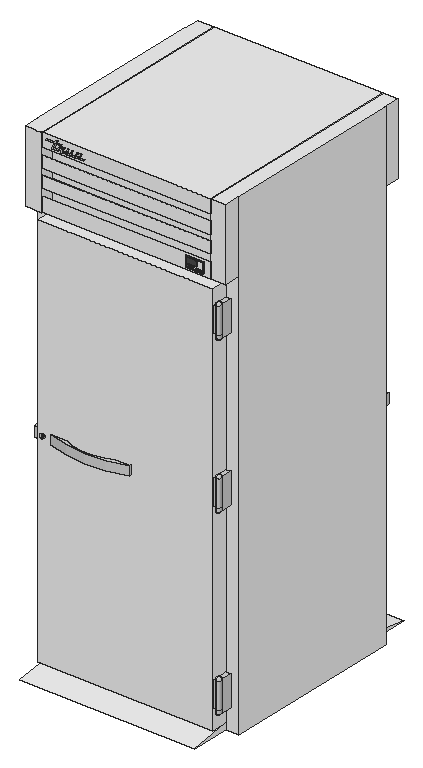
Revit family
Parameters
  Weight in Pounds = 0
  Watts = 2000 W
  Volts = 115 V
  URL Cutsheet = "www.truemfg.com"
  URL = "www.truemfg.com"
  Type Mark [instance] = ""
  Type Comments = ""
  Status [instance] = ""
  Specification by User [instance] = ""
  Specification by Manufacturer = ""
  Show Logo [instance] = yes
  Show Clearance [instance] = yes
  Serial Number = ""
  Seismic Rating = ""
  SMACNA No = ""
  Revision Code [instance] = ""
  Phase = 1
  Omniclass Number and Title = ""
  Number of Poles [instance] = 1
  NAFEM Spec ID Number = ""
  Model = "STA1HRT-1S-1S"
  Min Ckt Ampacity = 0 A
  Max Overcurrent Protection = 0 A
  Masterspec = ""
  Manufacturer = "TRUE FOOD SERVICE EQUIPMENT, INC."
  Length = 35"
  Item Number [instance] = ""
  Installed By [instance] = ""
  Identify Quantity as Lot [instance] = yes
  Height = 83 3/4"
  HP = ""
  Furnished By [instance] = ""
  Foodservice Equipment Identifier [instance] = yes
  FL Amps = Watts / Volts  # 17.3913 A
  Electrical Remarks [instance] = ""
  Electric Connection Type [instance] = ""
  Elec Conn RI Height [instance] = 0"
  Elec Conn Connection Height [instance] = 0"
  Description = "Roll-thru Solid Swing Door Heated Cabinet"
  Depth = 37 1/2"
  Cycle = 60 Hz
  Conn Plug = "14-20P"
  Conn Conduit = yes
  CSI MasterFormat = ""
  CSI Master Format = ""
  Apparent Power = if(Phase = 3, Volts * FL Amps * 1.73, Volts * FL Amps)  # 2000 VA
Reference planes (in)
  plane 1 "BACK": y = 0
  plane 2: z = 0
  plane 3 "LEFT": x = 0
  plane 4 "RIGHT": x = 35
  plane 5 "FRONT": y = -37.5
  plane 6 "TOP": z = 83.75
  plane 7: x = 2.84375
  plane 8: y = -37.4542
  plane 9: x = 32.15625
  plane 10: y = -0.0458
  plane 11: y = -18.75
  plane 12: z = 69.90625
Forms (in)
  Extrusion 1, solid, material "QF_Finishes_Chrome - Satin"
    sketch origin (0.05, 0, 0) x (1, 0, 0) y (0, 1, 0)
      loop
        line (-0.05, -2.75) -> (-0.05, -34.75) -> (2.87859, -34.75) -> (2.87859, -2.75) -> (-0.05, -2.75)
    from 0 to 83.75
  Extrusion 2, solid, material "QF_Finishes_Chrome - Satin"
    sketch origin (50.15, 0, 0) x (1, 0, 0) y (0, 1, 0)
      loop
        line (-17.85, -2.75) -> (-17.85, -34.75) -> (-15.15, -34.75) -> (-15.15, -2.75) -> (-17.85, -2.75)
    from 0 to 83.75
  Extrusion 3, solid, material "QF_Finishes_Chrome - Satin"
    sketch origin (0, 0, 0) x (0, 1, 0) y (0, 0, 1)
      loop
        line (-37.4542, 71.28125) -> (-34.75, 71.28125) -> (-34.75, 0) -> (-2.75, 0) -> (-2.75, 71.28125) -> (-0.0458, 71.28125) -> (-0.0458, 73.81726) -> (-2.25, 72.25) -> (-2.25, 73.52557) -> (-0.0458, 75.09284) -> (-0.0458, 77.18904) -> (-2.25, 75.62178) -> (-2.25, 76.58254) -> (-0.0458, 78.1498) -> (-0.0458, 80.28351) -> (-2.25, 78.71625) -> (-2.25, 79.83852) -> (-0.0458, 81.40578) -> (-0.0458, 83.75) -> (-37.4542, 83.75) -> (-37.4542, 81.40578) -> (-35.25, 79.83852) -> (-35.25, 78.71625) -> (-37.4542, 80.28351) -> (-37.4542, 78.1498) -> (-35.25, 76.58254) -> (-35.25, 75.62178) -> (-37.4542, 77.18904) -> (-37.4542, 75.09284) -> (-35.25, 73.52557) -> (-35.25, 72.25) -> (-37.4542, 73.81726) -> (-37.4542, 71.28125)
    from 2.92859 to 32.3
  Extrusion 4, solid, material "QF_Finishes_Chrome - Satin"
    sketch origin (0, 0, 0) x (1, 0, 0) y (0, 1, 0)
      loop
        line (34.84782, -34.75) -> (32.3, -34.75) -> (32.3, -37.5) -> (34.84782, -37.5) -> (34.84782, -34.75)
      loop
        line (34.84782, -2.75) -> (34.84782, 0) -> (32.3, 0) -> (32.3, -2.75) -> (34.84782, -2.75)
    from 71.28125 to 83.75
  Extrusion 5, solid, material "QF_Finishes_Chrome - Satin"
    sketch origin (-50.125, 0, 0.25) x (1, 0, 0) y (0, 1, 0)
      loop
        line (53.05359, -34.75) -> (50.24109, -34.75) -> (50.24109, -37.5) -> (53.05359, -37.5) -> (53.05359, -34.75)
      loop
        line (53.05359, -2.75) -> (53.05359, 0) -> (50.24109, 0) -> (50.24109, -2.75) -> (53.05359, -2.75)
    from 71.03125 to 83.5
  Extrusion 6, solid, material "QF_Finishes_Chrome - Satin"
    sketch origin (-24.96875, -3.75, -0.71875) x (1, 0, 0) y (0, 0, 1)
      loop
        line (27.25, 1.71875) -> (57.65625, 1.71875) -> (57.65625, 70.625) -> (27.25, 70.625) -> (27.25, 1.71875)
    from 31 to 33.75
  Extrusion 7, solid, material "QF_Finishes_Handrails and Railings"
    sketch origin (58.625, -0.25, 24.93519) x (1, 0, 0) y (0, 1, 0)
      loop
        line (-53.875, -37.25) -> (-53.875, -37.45)
        arc (-53.875, -37.45) -> (-47.075, -38.65633) -> (-40.275, -37.45) r 19.7687
        line (-40.275, -37.45) -> (-40.275, -37.25) -> (-42.675, -37.25)
        arc (-42.675, -37.25) -> (-47.075, -38.40816) -> (-51.475, -37.25) r 8.93713
        line (-51.475, -37.25) -> (-53.875, -37.25)
    from 10.87731 to 12.37731
  Extrusion 8, solid, material "QF_Finishes_Handrails and Railings"
    sketch origin (-23.375, -3.83467, -3.5) x (1, 0, 0) y (0, 0, 1)
      loop
        circle (26.4375, 40.0625) r 0.35
      loop
        line (26.47265, 40.33635) -> (26.41715, 40.33635) -> (26.41715, 39.76895) -> (26.47265, 39.76895) -> (26.47265, 40.33635)
    from 33.5 to 33.83066
  Extrusion 9, solid, material "QF_Finishes_Handrails and Railings", visible <- "Show Logo"
    sketch origin (0.33478, -2.68623, 4.98732) x (1, 0, 0) y (0, 0, 1)
      loop
        line (3.46044, 78.08731) -> (3.35478, 77.86073) -> (4.76027, 77.86073)
        arc (4.76027, 77.86073) -> (4.78879, 77.81028) -> (4.76027, 77.75984) r 0.05887
        line (4.76027, 77.75984) -> (4.39369, 76.97372)
        arc (4.39369, 76.97372) -> (4.39051, 76.90091) -> (4.43975, 76.84717) r 0.09523
        line (4.43975, 76.84717) -> (5.33844, 76.84717)
        arc (5.33844, 76.84717) -> (5.45192, 76.88295) -> (5.52436, 76.97735) r 0.19785
        line (5.52436, 76.97735) -> (5.81285, 77.59601) -> (6.0779, 77.59601)
        arc (6.0779, 77.59601) -> (6.14744, 77.57043) -> (6.13737, 77.49703) r 0.05911
        line (6.13737, 77.49703) -> (5.89598, 76.97937)
        arc (5.89598, 76.97937) -> (5.89974, 76.8934) -> (5.97231, 76.84717) r 0.09318
        line (5.97231, 76.84717) -> (6.76198, 76.84717)
        arc (6.76198, 76.84717) -> (6.82249, 76.86919) -> (6.85468, 76.92495) r 0.09412
        arc (6.85468, 76.92495) -> (6.87746, 76.86995) -> (6.93246, 76.84717) r 0.07778
        line (6.93246, 76.84717) -> (7.43246, 76.84717)
        arc (7.43246, 76.84717) -> (7.49022, 76.86265) -> (7.53251, 76.90493) r 0.11552
        arc (7.53251, 76.90493) -> (7.55275, 76.85606) -> (7.60162, 76.83581) r 0.06912
        line (7.60162, 76.83581) -> (8.31225, 76.83581)
        arc (8.31225, 76.83581) -> (8.37034, 76.85988) -> (8.39441, 76.91797) r 0.08216
        arc (8.39441, 76.91797) -> (8.44767, 76.86472) -> (8.52042, 76.84522) r 0.14551
        line (8.52042, 76.84522) -> (9.85158, 76.84522) -> (9.99946, 77.10134) -> (8.65678, 77.10134)
        arc (8.65678, 77.10134) -> (8.61972, 77.12704) -> (8.61834, 77.17211) r 0.05009
        line (8.61834, 77.17211) -> (8.64157, 77.22192)
        arc (8.64157, 77.22192) -> (8.67723, 77.26864) -> (8.73327, 77.28635) r 0.09747
        line (8.73327, 77.28635) -> (9.16485, 77.28635)
        arc (9.16485, 77.28635) -> (9.258, 77.31131) -> (9.32619, 77.3795) r 0.1863
        line (9.32619, 77.3795) -> (9.45119, 77.59601)
        arc (9.45119, 77.59601) -> (9.45119, 77.71157) -> (9.35111, 77.76934) r 0.11556
        line (9.35111, 77.76934) -> (8.89562, 77.76934)
        arc (8.89562, 77.76934) -> (8.7795, 77.74962) -> (8.69849, 77.66412) r 0.18605
        line (8.69849, 77.66412) -> (8.48204, 77.19993)
        arc (8.48204, 77.19993) -> (8.41815, 77.11667) -> (8.31806, 77.08511) r 0.1745
        line (8.31806, 77.08511) -> (7.84559, 77.08511)
        arc (7.84559, 77.08511) -> (7.78903, 77.14684) -> (7.79268, 77.23048) r 0.10939
        line (7.79268, 77.23048) -> (8.04395, 77.76934) -> (7.88403, 77.76934) -> (7.61781, 77.19844)
        arc (7.61781, 77.19844) -> (7.56609, 77.13103) -> (7.48505, 77.10548) r 0.14128
        line (7.48505, 77.10548) -> (7.15925, 77.10548)
        arc (7.15925, 77.10548) -> (7.10419, 77.17723) -> (7.116, 77.26689) r 0.11816
        line (7.116, 77.26689) -> (7.3503, 77.76934) -> (7.18514, 77.76934) -> (6.91546, 77.191)
        arc (6.91546, 77.191) -> (6.85285, 77.12839) -> (6.76733, 77.10548) r 0.17104
        line (6.76733, 77.10548) -> (6.29555, 77.10548)
        arc (6.29555, 77.10548) -> (6.21082, 77.14499) -> (6.20267, 77.23813) r 0.0935
        line (6.20267, 77.23813) -> (6.35774, 77.57069) -> (6.57695, 77.57069)
        arc (6.57695, 77.57069) -> (6.61395, 77.68217) -> (6.69267, 77.76934) r 0.2857
        line (6.69267, 77.76934) -> (5.83605, 77.76934)
        arc (5.83605, 77.76934) -> (5.74086, 77.74824) -> (5.67498, 77.67635) r 0.16212
        line (5.67498, 77.67635) -> (5.44279, 77.17841)
        arc (5.44279, 77.17841) -> (5.3894, 77.12502) -> (5.31647, 77.10548) r 0.14586
        line (5.31647, 77.10548) -> (4.80506, 77.10548)
        arc (4.80506, 77.10548) -> (4.76514, 77.15942) -> (4.77274, 77.22609) r 0.09155
        line (4.77274, 77.22609) -> (5.11018, 77.86073) -> (5.96155, 77.86073) -> (6.06721, 78.08731) -> (5.21584, 78.08731) -> (5.32149, 78.31388) -> (5.01862, 78.31388) -> (4.91297, 78.08731) -> (3.46044, 78.08731)
      loop
        arc (8.83805, 77.56363) -> (8.80119, 77.55375) -> (8.7742, 77.52676) r 0.07373
        line (8.7742, 77.52676) -> (8.75229, 77.45936)
        arc (8.75229, 77.45936) -> (8.76245, 77.43483) -> (8.78699, 77.42466) r 0.0347
        line (8.78699, 77.42466) -> (9.15948, 77.42466)
        arc (9.15948, 77.42466) -> (9.18632, 77.43061) -> (9.20812, 77.44734) r 0.0635
        line (9.20812, 77.44734) -> (9.22624, 77.53122)
        arc (9.22624, 77.53122) -> (9.22091, 77.55368) -> (9.20009, 77.56363) r 0.02676
        line (9.20009, 77.56363) -> (8.83805, 77.56363)
    from 34.76797 to 34.83173
  Extrusion 10, solid, material "QF_Finishes_White"
    sketch origin (-22.74812, -2.7042, -7.97497) x (1, 0, 0) y (0, 0, 1)
      loop
        line (50.81732, 81.35727) -> (50.81732, 79.60996) -> (53.72357, 79.60996) -> (53.72357, 81.35727) -> (50.81732, 81.35727)
    from 34.75 to 34.76797
  Extrusion 11, solid, material "QF_Finishes_Black"
    sketch origin (-22.74812, -2.7042, -7.97497) x (1, 0, 0) y (0, 0, 1)
      loop
        line (53.78607, 81.41977) -> (50.75482, 81.41977) -> (50.75482, 79.54746) -> (53.78607, 79.54746) -> (53.78607, 81.41977)
      loop
        spline (50.95482, 79.87872) -> (50.96333, 79.86254) -> (50.98831, 79.84747) -> (51.02804, 79.83452) -> (51.07982, 79.82459) -> (51.14011, 79.81835) -> (51.20482, 79.81622) -> (51.26952, 79.81835) -> (51.32982, 79.82459) -> (51.38159, 79.83452) -> (51.42132, 79.84747) -> (51.4463, 79.86254) -> (51.45482, 79.87872)
        spline (51.45482, 79.87872) -> (51.4463, 79.89489) -> (51.42132, 79.90997) -> (51.38159, 79.92291) -> (51.32982, 79.93284) -> (51.26952, 79.93909) -> (51.20482, 79.94122) -> (51.14011, 79.93909) -> (51.07982, 79.93284) -> (51.02804, 79.92291) -> (50.98831, 79.90997) -> (50.96333, 79.89489) -> (50.95482, 79.87872)
      loop
        spline (51.65083, 79.87872) -> (51.65935, 79.86254) -> (51.68432, 79.84747) -> (51.72405, 79.83452) -> (51.77583, 79.82459) -> (51.83612, 79.81835) -> (51.90083, 79.81622) -> (51.96553, 79.81835) -> (52.02583, 79.82459) -> (52.07761, 79.83452) -> (52.11734, 79.84747) -> (52.14231, 79.86254) -> (52.15083, 79.87872)
        spline (52.15083, 79.87872) -> (52.14231, 79.89489) -> (52.11734, 79.90997) -> (52.07761, 79.92291) -> (52.02583, 79.93284) -> (51.96553, 79.93909) -> (51.90083, 79.94122) -> (51.83612, 79.93909) -> (51.77583, 79.93284) -> (51.72405, 79.92291) -> (51.68432, 79.90997) -> (51.65935, 79.89489) -> (51.65083, 79.87872)
      loop
        spline (52.40083, 79.87872) -> (52.40935, 79.86254) -> (52.43432, 79.84747) -> (52.47405, 79.83452) -> (52.52583, 79.82459) -> (52.58612, 79.81835) -> (52.65083, 79.81622) -> (52.71553, 79.81835) -> (52.77583, 79.82459) -> (52.82761, 79.83452) -> (52.86734, 79.84747) -> (52.89231, 79.86254) -> (52.90083, 79.87872)
        spline (52.90083, 79.87872) -> (52.89231, 79.89489) -> (52.86734, 79.90997) -> (52.82761, 79.92291) -> (52.77583, 79.93284) -> (52.71553, 79.93909) -> (52.65083, 79.94122) -> (52.58612, 79.93909) -> (52.52583, 79.93284) -> (52.47405, 79.92291) -> (52.43432, 79.90997) -> (52.40935, 79.89489) -> (52.40083, 79.87872)
      loop
        line (50.95481, 81.21978) -> (50.95481, 80.21978) -> (52.65433, 80.21978) -> (52.65433, 81.21978) -> (50.95481, 81.21978)
      loop
        line (53.72357, 81.35727) -> (50.81732, 81.35727) -> (50.81732, 79.60996) -> (53.72357, 79.60996) -> (53.72357, 81.35727)
      loop
        spline (53.15083, 79.87872) -> (53.15935, 79.86254) -> (53.18432, 79.84747) -> (53.22405, 79.83452) -> (53.27583, 79.82459) -> (53.33612, 79.81835) -> (53.40083, 79.81622) -> (53.46553, 79.81835) -> (53.52583, 79.82459) -> (53.57761, 79.83452) -> (53.61734, 79.84747) -> (53.64231, 79.86254) -> (53.65083, 79.87872)
        spline (53.65083, 79.87872) -> (53.64231, 79.89489) -> (53.61734, 79.90997) -> (53.57761, 79.92291) -> (53.52583, 79.93284) -> (53.46553, 79.93909) -> (53.40083, 79.94122) -> (53.33612, 79.93909) -> (53.27583, 79.93284) -> (53.22405, 79.92291) -> (53.18432, 79.90997) -> (53.15935, 79.89489) -> (53.15083, 79.87872)
    from 34.76797 to 34.80335
  Extrusion 12, solid
    sketch origin (-25.125, 0, 0) x (1, 0, 0) y (0, 0, 1)
      loop
        circle (56.875, 81.625) r 0.25
    from 0 to 0.0625
  Blend 13, solid, material "QF_Finishes_Handrails and Railings"
    base sketch origin (27.53125, -3.75, -1.5) x (-1, 0, 0) y (0, 0, -1)
      loop
        line (25.25, -38.99169) -> (26, -38.99169) -> (26, -37.24169) -> (25.25, -37.24169) -> (25.25, -38.99169)
    top sketch origin (27.53125, 0, -1.5) x (-1, 0, 0) y (0, 0, -1)
      loop
        line (26.18223, -36.6441) -> (25.25, -36.6441) -> (25.25, -39.42643) -> (26.18223, -39.42643) -> (26.18223, -36.6441)
    from 33.57883 to 34.75
  Extrusion 14, solid, material "QF_Finishes_Handrails and Railings"
    sketch origin (33.78125, 0, 3.25) x (0, 1, 0) y (0, 0, -1)
      loop
        line (-34.75, -64.17729) -> (-34.75, -58.86127) -> (-37, -58.86127) -> (-37, -59.57348) -> (-36.56497, -59.57348) -> (-36.56497, -63.97276)
        arc (-36.56497, -63.97276) -> (-36.50506, -64.11738) -> (-36.36044, -64.17729) r 0.20453
        line (-36.36044, -64.17729) -> (-34.75, -64.17729)
    from 0.17506 to 1
  Revolve 15, solid, material "QF_Finishes_Handrails and Railings"
    sketch origin (33.28125, 0, 3.25) x (0, 1, 0) y (0, 0, -1)
      loop
        line (-37.01563, -59.62689) -> (-37.42229, -59.62689) -> (-37.42229, -64.0986)
        arc (-37.42229, -64.0986) -> (-37.28722, -64.35057) -> (-37.01563, -64.43983) r 0.3848
        line (-37.01563, -64.43983) -> (-37.01563, -59.62689)
      loop
        line (-37.01563, -59.57348) -> (-37.01563, -58.67281)
        arc (-37.01563, -58.67281) -> (-37.28264, -58.75883) -> (-37.42229, -59.00212) r 0.38884
        line (-37.42229, -59.00212) -> (-37.42229, -59.57348) -> (-37.01563, -59.57348)
      axis (-37.01563, -58.67281) -> (-37.01563, -64.43983)
    angle from 0 to 360
  Extrusion 16, solid, material "QF_Finishes_Handrails and Railings"
    sketch origin (27.5, -3.82734, 3.2511) x (-1, 0, 0) y (0, 0, -1)
      loop
        line (-5.58509, -64.0986) -> (-5.1875, -64.0986) -> (-5.1875, -59.62579) -> (-5.58509, -59.62579) -> (-5.58509, -64.0986)
    from 32.81497 to 33.59495
  Extrusion 17, solid, material "QF_Finishes_Handrails and Railings"
    sketch origin (33.78125, 0, -24) x (0, 1, 0) y (0, 0, -1)
      loop
        line (-34.75, -64.55229) -> (-34.75, -59.23627) -> (-37, -59.23627) -> (-37, -59.94848) -> (-36.56497, -59.94848) -> (-36.56497, -64.34776)
        arc (-36.56497, -64.34776) -> (-36.50506, -64.49238) -> (-36.36044, -64.55229) r 0.20453
        line (-36.36044, -64.55229) -> (-34.75, -64.55229)
    from 0.17506 to 1
  Revolve 18, solid, material "QF_Finishes_Handrails and Railings"
    sketch origin (33.28125, 0, -24) x (0, 1, 0) y (0, 0, -1)
      loop
        line (-37.01563, -60.00189) -> (-37.42229, -60.00189) -> (-37.42229, -64.4736)
        arc (-37.42229, -64.4736) -> (-37.28722, -64.72557) -> (-37.01563, -64.81483) r 0.3848
        line (-37.01563, -64.81483) -> (-37.01563, -60.00189)
      loop
        line (-37.01563, -59.94848) -> (-37.01563, -59.04781)
        arc (-37.01563, -59.04781) -> (-37.28264, -59.13383) -> (-37.42229, -59.37712) r 0.38884
        line (-37.42229, -59.37712) -> (-37.42229, -59.94848) -> (-37.01563, -59.94848)
      axis (-37.01563, -59.04781) -> (-37.01563, -64.81483)
    angle from 0 to 360
  Extrusion 19, solid, material "QF_Finishes_Handrails and Railings"
    sketch origin (27.5, -3.82734, -23.9989) x (-1, 0, 0) y (0, 0, -1)
      loop
        line (-5.58509, -64.4736) -> (-5.1875, -64.4736) -> (-5.1875, -60.00079) -> (-5.58509, -60.00079) -> (-5.58509, -64.4736)
    from 32.81497 to 33.59495
  Extrusion 20, solid, material "QF_Finishes_Handrails and Railings"
    sketch origin (33.78125, 0, -55.5) x (0, 1, 0) y (0, 0, -1)
      loop
        line (-34.75, -64.55229) -> (-34.75, -59.23627) -> (-37, -59.23627) -> (-37, -59.94848) -> (-36.56497, -59.94848) -> (-36.56497, -64.34776)
        arc (-36.56497, -64.34776) -> (-36.50506, -64.49238) -> (-36.36044, -64.55229) r 0.20453
        line (-36.36044, -64.55229) -> (-34.75, -64.55229)
    from 0.17506 to 1
  Revolve 21, solid, material "QF_Finishes_Handrails and Railings"
    sketch origin (33.28125, 0, -55.5) x (0, 1, 0) y (0, 0, -1)
      loop
        line (-37.01563, -60.00189) -> (-37.42229, -60.00189) -> (-37.42229, -64.4736)
        arc (-37.42229, -64.4736) -> (-37.28722, -64.72557) -> (-37.01563, -64.81483) r 0.3848
        line (-37.01563, -64.81483) -> (-37.01563, -60.00189)
      loop
        line (-37.01563, -59.94848) -> (-37.01563, -59.04781)
        arc (-37.01563, -59.04781) -> (-37.28264, -59.13383) -> (-37.42229, -59.37712) r 0.38884
        line (-37.42229, -59.37712) -> (-37.42229, -59.94848) -> (-37.01563, -59.94848)
      axis (-37.01563, -59.04781) -> (-37.01563, -64.81483)
    angle from 0 to 360
  Extrusion 22, solid, material "QF_Finishes_Handrails and Railings"
    sketch origin (27.5, -3.82734, -55.4989) x (-1, 0, 0) y (0, 0, -1)
      loop
        line (-5.58509, -64.4736) -> (-5.1875, -64.4736) -> (-5.1875, -60.00079) -> (-5.58509, -60.00079) -> (-5.58509, -64.4736)
    from 32.81497 to 33.59495
  Extrusion 23, solid, material "QF_Finishes_Door Clearance", visible <- "Show Clearance", detail levels coarse
    sketch origin (26.42841, -3.6098, 0) x (1, 0, 0) y (0, 1, 0)
      loop
        line (6.32159, -33.8902) -> (-24.14716, -33.8902)
        arc (-24.14716, -33.8902) -> (-15.22307, -55.43486) -> (6.32159, -64.35895) r 30.46875
        line (6.32159, -64.35895) -> (6.32159, -33.8902)
    from 1 to 69.90625
  Extrusion 24, solid, material "QF_Finishes_Chrome - Satin"
    sketch origin (32.6875, -3.75, 8.03125) x (0, 0, 1) y (0, -1, 0)
      loop
        line (-8.03125, 37.6875) -> (-8.03125, 31) -> (-7.03125, 31) -> (-8.03125, 37.6875)
    from 0 to -30.40625
  Extrusion 25, solid, material "QF_Finishes_Chrome - Satin"
    sketch origin (59.96875, -33.75, -0.71875) x (-1, 0, 0) y (0, 0, 1)
      loop
        line (27.25, 1.71875) -> (57.65625, 1.71875) -> (57.65625, 70.625) -> (27.25, 70.625) -> (27.25, 1.71875)
    from 31 to 33.75
  Extrusion 26, solid, material "QF_Finishes_Handrails and Railings"
    sketch origin (-23.625, -37.25, 24.93519) x (-1, 0, 0) y (0, -1, 0)
      loop
        line (-53.875, -37.25) -> (-53.875, -37.45)
        arc (-53.875, -37.45) -> (-47.075, -38.65628) -> (-40.275, -37.45) r 19.76948
        line (-40.275, -37.45) -> (-40.275, -37.25) -> (-42.675, -37.25)
        arc (-42.675, -37.25) -> (-47.075, -38.40816) -> (-51.475, -37.25) r 8.93715
        line (-51.475, -37.25) -> (-53.875, -37.25)
    from 10.87731 to 12.37731
  Extrusion 27, solid, material "QF_Finishes_Handrails and Railings"
    sketch origin (58.375, -33.66533, -3.5) x (-1, 0, 0) y (0, 0, 1)
      loop
        circle (26.4375, 40.0625) r 0.35
      loop
        line (26.47265, 40.33635) -> (26.41715, 40.33635) -> (26.41715, 39.76895) -> (26.47265, 39.76895) -> (26.47265, 40.33635)
    from 33.5 to 33.83066
  Blend 28, solid, material "QF_Finishes_Handrails and Railings"
    base sketch origin (7.46875, -33.75, -1.5) x (1, 0, 0) y (0, 0, -1)
      loop
        line (25.25, -38.99169) -> (26, -38.99169) -> (26, -37.24169) -> (25.25, -37.24169) -> (25.25, -38.99169)
    top sketch origin (7.46875, -37.5, -1.5) x (1, 0, 0) y (0, 0, -1)
      loop
        line (26.18223, -36.6441) -> (25.25, -36.6441) -> (25.25, -39.42643) -> (26.18223, -39.42643) -> (26.18223, -36.6441)
    from 33.57883 to 34.75
  Extrusion 29, solid, material "QF_Finishes_Handrails and Railings"
    sketch origin (1.21875, -37.5, 3.25) x (0, -1, 0) y (0, 0, -1)
      loop
        line (-34.75, -64.17729) -> (-34.75, -58.86127) -> (-37, -58.86127) -> (-37, -59.57348) -> (-36.56497, -59.57348) -> (-36.56497, -63.97276)
        arc (-36.56497, -63.97276) -> (-36.50506, -64.11738) -> (-36.36044, -64.17729) r 0.20453
        line (-36.36044, -64.17729) -> (-34.75, -64.17729)
    from 0.17506 to 1
  Revolve 30, solid, material "QF_Finishes_Handrails and Railings"
    sketch origin (1.71875, -37.5, 3.25) x (0, -1, 0) y (0, 0, -1)
      loop
        line (-37.01563, -59.62689) -> (-37.42229, -59.62689) -> (-37.42229, -64.0986)
        arc (-37.42229, -64.0986) -> (-37.28722, -64.35057) -> (-37.01563, -64.43983) r 0.3848
        line (-37.01563, -64.43983) -> (-37.01563, -59.62689)
      loop
        line (-37.01563, -59.57348) -> (-37.01563, -58.67281)
        arc (-37.01563, -58.67281) -> (-37.28264, -58.75883) -> (-37.42229, -59.00212) r 0.38884
        line (-37.42229, -59.00212) -> (-37.42229, -59.57348) -> (-37.01563, -59.57348)
      axis (-37.01563, -58.67281) -> (-37.01563, -64.43983)
    angle from 0 to 360
  Extrusion 31, solid, material "QF_Finishes_Handrails and Railings"
    sketch origin (7.5, -33.67266, 3.2511) x (1, 0, 0) y (0, 0, -1)
      loop
        line (-5.58509, -64.0986) -> (-5.1875, -64.0986) -> (-5.1875, -59.62579) -> (-5.58509, -59.62579) -> (-5.58509, -64.0986)
    from 32.81497 to 33.59495
  Extrusion 32, solid, material "QF_Finishes_Handrails and Railings"
    sketch origin (1.21875, -37.5, -24) x (0, -1, 0) y (0, 0, -1)
      loop
        line (-34.75, -64.55229) -> (-34.75, -59.23627) -> (-37, -59.23627) -> (-37, -59.94848) -> (-36.56497, -59.94848) -> (-36.56497, -64.34776)
        arc (-36.56497, -64.34776) -> (-36.50506, -64.49238) -> (-36.36044, -64.55229) r 0.20453
        line (-36.36044, -64.55229) -> (-34.75, -64.55229)
    from 0.17506 to 1
  Revolve 33, solid, material "QF_Finishes_Handrails and Railings"
    sketch origin (1.71875, -37.5, -24) x (0, -1, 0) y (0, 0, -1)
      loop
        line (-37.01563, -60.00189) -> (-37.42229, -60.00189) -> (-37.42229, -64.4736)
        arc (-37.42229, -64.4736) -> (-37.28722, -64.72557) -> (-37.01563, -64.81483) r 0.3848
        line (-37.01563, -64.81483) -> (-37.01563, -60.00189)
      loop
        line (-37.01563, -59.94848) -> (-37.01563, -59.04781)
        arc (-37.01563, -59.04781) -> (-37.28264, -59.13383) -> (-37.42229, -59.37712) r 0.38884
        line (-37.42229, -59.37712) -> (-37.42229, -59.94848) -> (-37.01563, -59.94848)
      axis (-37.01563, -59.04781) -> (-37.01563, -64.81483)
    angle from 0 to 360
  Extrusion 34, solid, material "QF_Finishes_Handrails and Railings"
    sketch origin (7.5, -33.67266, -23.9989) x (1, 0, 0) y (0, 0, -1)
      loop
        line (-5.58509, -64.4736) -> (-5.1875, -64.4736) -> (-5.1875, -60.00079) -> (-5.58509, -60.00079) -> (-5.58509, -64.4736)
    from 32.81497 to 33.59495
  Extrusion 35, solid, material "QF_Finishes_Handrails and Railings"
    sketch origin (1.21875, -37.5, -55.5) x (0, -1, 0) y (0, 0, -1)
      loop
        line (-34.75, -64.55229) -> (-34.75, -59.23627) -> (-37, -59.23627) -> (-37, -59.94848) -> (-36.56497, -59.94848) -> (-36.56497, -64.34776)
        arc (-36.56497, -64.34776) -> (-36.50506, -64.49238) -> (-36.36044, -64.55229) r 0.20453
        line (-36.36044, -64.55229) -> (-34.75, -64.55229)
    from 0.17506 to 1
  Revolve 36, solid, material "QF_Finishes_Handrails and Railings"
    sketch origin (1.71875, -37.5, -55.5) x (0, -1, 0) y (0, 0, -1)
      loop
        line (-37.01563, -60.00189) -> (-37.42229, -60.00189) -> (-37.42229, -64.4736)
        arc (-37.42229, -64.4736) -> (-37.28722, -64.72557) -> (-37.01563, -64.81483) r 0.3848
        line (-37.01563, -64.81483) -> (-37.01563, -60.00189)
      loop
        line (-37.01563, -59.94848) -> (-37.01563, -59.04781)
        arc (-37.01563, -59.04781) -> (-37.28264, -59.13383) -> (-37.42229, -59.37712) r 0.38884
        line (-37.42229, -59.37712) -> (-37.42229, -59.94848) -> (-37.01563, -59.94848)
      axis (-37.01563, -59.04781) -> (-37.01563, -64.81483)
    angle from 0 to 360
  Extrusion 37, solid, material "QF_Finishes_Handrails and Railings"
    sketch origin (7.5, -33.67266, -55.4989) x (1, 0, 0) y (0, 0, -1)
      loop
        line (-5.58509, -64.4736) -> (-5.1875, -64.4736) -> (-5.1875, -60.00079) -> (-5.58509, -60.00079) -> (-5.58509, -64.4736)
    from 32.81497 to 33.59495
  Extrusion 38, solid, material "QF_Finishes_Door Clearance", visible <- "Show Clearance", detail levels coarse
    sketch origin (8.57159, -33.8902, 0) x (-1, 0, 0) y (0, -1, 0)
      loop
        line (6.32159, -33.8902) -> (-24.14716, -33.8902)
        arc (-24.14716, -33.8902) -> (-15.22307, -55.43486) -> (6.32159, -64.35895) r 30.46875
        line (6.32159, -64.35895) -> (6.32159, -33.8902)
    from 1 to 69.90625
  Extrusion 39, solid, material "QF_Finishes_Chrome - Satin"
    sketch origin (2.3125, -33.75, 8.03125) x (0, 0, 1) y (0, 1, 0)
      loop
        line (-8.03125, 37.6875) -> (-8.03125, 31) -> (-7.03125, 31) -> (-8.03125, 37.6875)
    from 0 to -30.40625
Cuts and joins
  joined: Extrusion 1, Extrusion 2, Extrusion 4, Extrusion 5
Lines and regions (in)
  symbolic lines
    curve 1: line (0, 0, 0) -> (35, 0, 0)
    curve 2: line (0, -37.5, 0) -> (0, 0, 0)
    curve 3: line (35, -37.5, 0) -> (0, -37.5, 0)
    curve 4: line (35, 0, 0) -> (35, -37.5, 0)
    curve 5: line (35, -35.25, 0) -> (0, -35.25, 0)
    curve 6: arc (15.95746, -37.5, 0) -> (11.55746, -38.65816, 0) -> (7.15746, -37.5, 0) r 8.93715
    curve 7: line (4.75746, -37.5, 0) -> (4.75746, -37.70273, 0)
    curve 8: line (18.35746, -37.69726, 0) -> (18.35746, -37.5, 0)
    curve 13: line (16.65, 0.2, 0) -> (16.65, 0, 0)
    curve 14: line (30.25, 0, 0) -> (30.25, 0.2, 0)
    curve 15: arc (19.05, 0, 0) -> (23.45, 1.15816, 0) -> (27.85, 0, 0) r 8.93715
    curve 16: arc (4.75746, -37.70273, 0) -> (11.55795, -38.90633, 0) -> (18.35746, -37.69726, 0) r 19.7687
    curve 17: arc (30.25, 0.2, 0) -> (23.45, 1.40628, 0) -> (16.65, 0.2, 0) r 19.76948
    curve 18: line (35, -2.25, 0) -> (0, -2.25, 0)
  symbolic lines, style "QF-Door Swings", visible <- "Show Clearance", detail levels coarse
    curve 9: line (32.75, -37.5, 0) -> (32.75, -67.96875, 0)
    curve 10: arc (32.75, -67.96875, 0) -> (11.20534, -59.04466, 0) -> (2.28125, -37.5, 0) r 30.46875
    curve 11: line (2.25, 0, 0) -> (2.25, 30.46875, 0)
    curve 12: arc (2.25, 30.46875, 0) -> (23.79466, 21.54466, 0) -> (32.71875, 0, 0) r 30.46875
Dimensions and locks (in)
  "Depth": plane 5 "FRONT" to plane 1 "BACK"
  plane 6 "TOP" to level = 83 3/4"  (x2)
  Extrusion 6 sketch curve to Extrusion 6 sketch curve = 30 13/32"
  Extrusion 6 to plane 1 "BACK" = 37 1/2"
  "Length": plane 3 "LEFT" to plane 4 "RIGHT"
  plane 4 "RIGHT" to plane 3 "LEFT" = 35"
  plane 5 "FRONT" to plane 1 "BACK" = 37 1/2"
  Extrusion 25 sketch curve to Extrusion 25 sketch curve = 30 13/32"
  plane 12 to level = 69 29/32"
  aligned and locked: level to plane 2
Automatic sketch dimensions
  Extrusion 39 sketch curve to Extrusion 25 = 0"
  Extrusion 39 sketch curve to Extrusion 39 sketch curve = 1"
  Extrusion 39 sketch curve to Extrusion 25 = 3 15/16"
  Extrusion 1 sketch curve to plane 3 "LEFT" = 0"
  plane 1 "BACK" to Extrusion 1 sketch curve = 2 3/4"
  plane 7 to Extrusion 1 sketch curve = 0.08484"
  Extrusion 1 sketch curve to plane 5 "FRONT" = 2 3/4"
  plane 1 "BACK" to Extrusion 2 sketch curve = 2 3/4"
  Extrusion 2 sketch curve to plane 4 "RIGHT" = 0"
  Extrusion 2 sketch curve to plane 9 = 0.14375"
  Extrusion 2 sketch curve to plane 5 "FRONT" = 2 3/4"
  Extrusion 3 sketch curve to plane 8 = 0"  (x4)
  Extrusion 3 sketch curve to level = 0"
  Extrusion 3 sketch curve to plane 10 = 0"  (x4)
  Extrusion 3 sketch curve to plane 6 "TOP" = 0"
  plane 8 to Extrusion 3 sketch curve = 2.2042"
  Extrusion 3 sketch curve to Extrusion 3 sketch curve = 0"  (x3)
  plane 8 to Extrusion 3 sketch curve = 2.7042"
  Extrusion 3 sketch curve to Extrusion 3 sketch curve = 2.7042"
  plane 10 to Extrusion 3 sketch curve = 2.2042"
  Extrusion 3 sketch curve to Extrusion 3 sketch curve = 1/2"
  Extrusion 3 sketch curve to plane 6 "TOP" = 12 15/32"  (x2)
  Extrusion 3 sketch curve to Extrusion 3 sketch curve = 31/32"  (x2)
  Extrusion 3 sketch curve to Extrusion 3 sketch curve = 1.27557"  (x4)
  Extrusion 3 sketch curve to Extrusion 3 sketch curve = 0.29169"  (x2)
  Extrusion 3 sketch curve to Extrusion 3 sketch curve = 2.0962"  (x4)
  Extrusion 3 sketch curve to Extrusion 3 sketch curve = 0.96076"  (x4)
  Extrusion 3 sketch curve to Extrusion 3 sketch curve = 2.13371"  (x4)
  Extrusion 3 sketch curve to Extrusion 3 sketch curve = 1.12227"  (x4)
  Extrusion 6 sketch curve to plane 7 = 9/16"
  level to Extrusion 6 sketch curve = 1"
  Extrusion 6 sketch curve to plane 6 "TOP" = 13 27/32"
  plane 7 to Extrusion 8 sketch curve = 0.1984"
  plane 7 to Extrusion 8 sketch curve = 7/32"
  Extrusion 8 sketch curve to Extrusion 8 sketch curve = 0.0555"
  level to Extrusion 8 sketch curve = 36.26895"
  Extrusion 8 sketch curve to Extrusion 8 sketch curve = 0.29355"
  Extrusion 8 sketch curve to Extrusion 8 sketch curve = 0.27385"
  plane 7 to Extrusion 9 sketch curve = 0.84582"
  Extrusion 9 sketch curve to Extrusion 9 sketch curve = 0.10565"  (x5)
  Extrusion 9 sketch curve to Extrusion 9 sketch curve = 1.03891"
  Extrusion 9 sketch curve to Extrusion 9 sketch curve = 0.04606"
  Extrusion 9 sketch curve to Extrusion 9 sketch curve = 0.08631"
  Extrusion 9 sketch curve to Extrusion 9 sketch curve = 0.33624"
  Extrusion 9 sketch curve to Extrusion 9 sketch curve = 0.03034"  (x2)
  Extrusion 9 sketch curve to Extrusion 9 sketch curve = 0.29274"
  Extrusion 9 sketch curve to Extrusion 9 sketch curve = 0.03232"
  Extrusion 9 sketch curve to Extrusion 9 sketch curve = 0.04851"
  Extrusion 9 sketch curve to plane 6 "TOP" = 0.67537"
  Extrusion 9 sketch curve to Extrusion 9 sketch curve = 0.1527"
  Extrusion 9 sketch curve to plane 6 "TOP" = 0.4488"
  Extrusion 9 sketch curve to Extrusion 9 sketch curve = 0.19721"
  Extrusion 9 sketch curve to Extrusion 9 sketch curve = 0.4629"
  Extrusion 9 sketch curve to Extrusion 9 sketch curve = 0.02197"
  Extrusion 9 sketch curve to Extrusion 9 sketch curve = 0.12632"
  Extrusion 9 sketch curve to Extrusion 9 sketch curve = 0.18591"
  Extrusion 9 sketch curve to plane 6 "TOP" = 1.08633"
  Extrusion 9 sketch curve to Extrusion 9 sketch curve = 0.2322"
  Extrusion 9 sketch curve to Extrusion 9 sketch curve = 0.13786"
  Extrusion 9 sketch curve to Extrusion 9 sketch curve = 0.00907"
  Extrusion 9 sketch curve to Extrusion 9 sketch curve = 0.01413"
  Extrusion 9 sketch curve to Extrusion 9 sketch curve = 0.37162"
  Extrusion 9 sketch curve to plane 6 "TOP" = 0.90195"
  Extrusion 9 sketch curve to Extrusion 9 sketch curve = 0.12551"
  Extrusion 9 sketch curve to Extrusion 9 sketch curve = 0.07633"
  Extrusion 9 sketch curve to Extrusion 9 sketch curve = 0.08445"
  Extrusion 9 sketch curve to Extrusion 9 sketch curve = 0.25598"
  Extrusion 9 sketch curve to Extrusion 9 sketch curve = 0.01887"
  Extrusion 9 sketch curve to Extrusion 9 sketch curve = 0.04061"
  Extrusion 9 sketch curve to plane 6 "TOP" = 1.52455"
  Extrusion 9 sketch curve to Extrusion 9 sketch curve = 0.0653"
  Extrusion 9 sketch curve to Extrusion 9 sketch curve = 0.08474"
  Extrusion 9 sketch curve to Extrusion 9 sketch curve = 0.00815"
  Extrusion 9 sketch curve to Extrusion 9 sketch curve = 0.22037"
  Extrusion 9 sketch curve to Extrusion 9 sketch curve = 0.21921"
  Extrusion 9 sketch curve to Extrusion 9 sketch curve = 0.11572"
  Extrusion 9 sketch curve to Extrusion 9 sketch curve = 0.46643"
  Extrusion 9 sketch curve to Extrusion 9 sketch curve = 0.00535"
  Extrusion 9 sketch curve to Extrusion 9 sketch curve = 0.09269"
  Extrusion 9 sketch curve to Extrusion 9 sketch curve = 0.09348"
  Extrusion 9 sketch curve to Extrusion 9 sketch curve = 0.14812"
  Extrusion 9 sketch curve to Extrusion 9 sketch curve = 0.07778"
  Extrusion 9 sketch curve to Extrusion 9 sketch curve = 0.20054"
  Extrusion 9 sketch curve to Extrusion 9 sketch curve = 0.04325"
  Extrusion 9 sketch curve to plane 6 "TOP" = 0.99334"  (x2)
  Extrusion 9 sketch curve to Extrusion 9 sketch curve = 0.32433"
  Extrusion 9 sketch curve to Extrusion 9 sketch curve = 0.10233"  (x2)
  Extrusion 9 sketch curve to Extrusion 9 sketch curve = 0.16515"
  Extrusion 9 sketch curve to Extrusion 9 sketch curve = 0.27321"
  Extrusion 9 sketch curve to Extrusion 9 sketch curve = 0.0526"
  Extrusion 9 sketch curve to Extrusion 9 sketch curve = 0.10005"
  Extrusion 9 sketch curve to Extrusion 9 sketch curve = 0.06912"
  Extrusion 9 sketch curve to Extrusion 9 sketch curve = 0.13276"
  Extrusion 9 sketch curve to plane 6 "TOP" = 1.5322"
  Extrusion 9 sketch curve to Extrusion 9 sketch curve = 0.17486"
  Extrusion 9 sketch curve to Extrusion 9 sketch curve = 0.05291"
  Extrusion 9 sketch curve to Extrusion 9 sketch curve = 0.53374"
  Extrusion 9 sketch curve to Extrusion 9 sketch curve = 0.09914"
  Extrusion 9 sketch curve to Extrusion 9 sketch curve = 0.15992"
  Extrusion 9 sketch curve to Extrusion 9 sketch curve = 0.46666"
  Extrusion 9 sketch curve to Extrusion 9 sketch curve = 0.00582"
  Extrusion 9 sketch curve to Extrusion 9 sketch curve = 0.08216"
  Extrusion 9 sketch curve to Extrusion 9 sketch curve = 0.16397"
  Extrusion 9 sketch curve to Extrusion 9 sketch curve = 0.12601"
  Extrusion 9 sketch curve to plane 6 "TOP" = 1.59057"
  Extrusion 9 sketch curve to Extrusion 9 sketch curve = 0.1363"
  Extrusion 9 sketch curve to plane 6 "TOP" = 1.54076"
  Extrusion 9 sketch curve to Extrusion 9 sketch curve = 0.02323"
  Extrusion 9 sketch curve to Extrusion 9 sketch curve = 0.03844"
  Extrusion 9 sketch curve to Extrusion 9 sketch curve = 0.0454"
  Extrusion 9 sketch curve to Extrusion 9 sketch curve = 0.05693"
  Extrusion 9 sketch curve to Extrusion 9 sketch curve = 0.0917"
  Extrusion 9 sketch curve to Extrusion 9 sketch curve = 0.01902"
  Extrusion 9 sketch curve to Extrusion 9 sketch curve = 0.02191"
  Extrusion 9 sketch curve to Extrusion 9 sketch curve = 0.0347"
  Extrusion 9 sketch curve to Extrusion 9 sketch curve = 0.06385"
  Extrusion 9 sketch curve to Extrusion 9 sketch curve = 0.02906"
  Extrusion 9 sketch curve to Extrusion 9 sketch curve = 0.02851"
  Extrusion 9 sketch curve to Extrusion 9 sketch curve = 0.29237"
  Extrusion 9 sketch curve to Extrusion 9 sketch curve = 0.00537"
  Extrusion 9 sketch curve to Extrusion 9 sketch curve = 0.0406"
  Extrusion 9 sketch curve to plane 6 "TOP" = 1.31534"
  Extrusion 9 sketch curve to Extrusion 9 sketch curve = 0.04327"
  Extrusion 9 sketch curve to Extrusion 9 sketch curve = 0.02615"
  Extrusion 9 sketch curve to plane 6 "TOP" = 1.38318"
  Extrusion 9 sketch curve to Extrusion 9 sketch curve = 0.11806"
  Extrusion 9 sketch curve to Extrusion 9 sketch curve = 0.15103"
  Extrusion 9 sketch curve to Extrusion 9 sketch curve = 0.10007"
  Extrusion 9 sketch curve to Extrusion 9 sketch curve = 0.5254"
  Extrusion 9 sketch curve to plane 6 "TOP" = 1.66134"
  Extrusion 9 sketch curve to Extrusion 9 sketch curve = 0.14787"
  Extrusion 9 sketch curve to Extrusion 9 sketch curve = 0.14537"
  Extrusion 9 sketch curve to Extrusion 9 sketch curve = 0.63134"
  Extrusion 9 sketch curve to Extrusion 9 sketch curve = 0.11061"
  Extrusion 9 sketch curve to Extrusion 9 sketch curve = 0.25876"
  Extrusion 9 sketch curve to Extrusion 9 sketch curve = 0.06767"
  Extrusion 9 sketch curve to Extrusion 9 sketch curve = 0.12655"
  Extrusion 9 sketch curve to Extrusion 9 sketch curve = 0.12242"
  Extrusion 9 sketch curve to Extrusion 9 sketch curve = 0.29684"
  Extrusion 9 sketch curve to Extrusion 9 sketch curve = 0.03938"
  Extrusion 9 sketch curve to Extrusion 9 sketch curve = 0.06046"
  Extrusion 9 sketch curve to Extrusion 9 sketch curve = 0.13266"
  Extrusion 9 sketch curve to Extrusion 9 sketch curve = 0.14279"
  Extrusion 9 sketch curve to Extrusion 9 sketch curve = 0.07293"
  Extrusion 9 sketch curve to Extrusion 9 sketch curve = 0.07764"
  Extrusion 9 sketch curve to Extrusion 9 sketch curve = 0.03794"
  Extrusion 9 sketch curve to Extrusion 9 sketch curve = 0.08552"
  Extrusion 9 sketch curve to Extrusion 9 sketch curve = 0.09296"
  Extrusion 9 sketch curve to Extrusion 9 sketch curve = 0.02781"
  Extrusion 9 sketch curve to Extrusion 9 sketch curve = 0.04799"
  Extrusion 9 sketch curve to Extrusion 9 sketch curve = 0.03054"
  Extrusion 9 sketch curve to Extrusion 9 sketch curve = 0.2589"
  Extrusion 9 sketch curve to Extrusion 9 sketch curve = 0.0674"
  Extrusion 9 sketch curve to Extrusion 9 sketch curve = 0.0324"
  Extrusion 9 sketch curve to Extrusion 9 sketch curve = 0.26185"
  Extrusion 9 sketch curve to Extrusion 9 sketch curve = 11/256"
  Extrusion 9 sketch curve to Extrusion 9 sketch curve = 0.07366"
  Extrusion 9 sketch curve to Extrusion 9 sketch curve = 0.02187"
  Extrusion 9 sketch curve to Extrusion 9 sketch curve = 0.06479"
  Extrusion 9 sketch curve to Extrusion 9 sketch curve = 0.05778"
  Extrusion 9 sketch curve to Extrusion 9 sketch curve = 0.32747"
  Extrusion 9 sketch curve to Extrusion 9 sketch curve = 0.05045"
  Extrusion 9 sketch curve to Extrusion 9 sketch curve = 29/128"
  plane 9 to Extrusion 10 sketch curve = 4.08705"
  plane 9 to Extrusion 10 sketch curve = 1.1808"
  Extrusion 10 sketch curve to plane 6 "TOP" = 12.11501"
  Extrusion 10 sketch curve to Extrusion 10 sketch curve = 1.74732"
  plane 9 to Extrusion 11 sketch curve = 4.14955"
  Extrusion 11 sketch curve to Extrusion 11 sketch curve = 1/16"  (x4)
  Extrusion 11 sketch curve to Extrusion 11 sketch curve = 0.1375"  (x3)
  Extrusion 11 sketch curve to Extrusion 11 sketch curve = 1/4"  (x4)
  Extrusion 11 sketch curve to Extrusion 11 sketch curve = 0.44601"
  Extrusion 11 sketch curve to Extrusion 11 sketch curve = 1/2"  (x2)
  Extrusion 11 sketch curve to Extrusion 11 sketch curve = 0.0035"
  Extrusion 11 sketch curve to Extrusion 11 sketch curve = 1.06923"
  Extrusion 11 sketch curve to plane 6 "TOP" = 12.17751"
  Extrusion 11 sketch curve to Extrusion 11 sketch curve = 0.26876"  (x2)
  Extrusion 11 sketch curve to Extrusion 11 sketch curve = 0"  (x2)
  Extrusion 11 sketch curve to Extrusion 11 sketch curve = 0.34106"
  Extrusion 11 sketch curve to Extrusion 11 sketch curve = 1"
  plane 9 to Extrusion 12 sketch curve = 13/32"
  Extrusion 12 sketch curve to plane 6 "TOP" = 2 1/8"
  Blend 13 sketch curve to plane 7 = 9/16"
  Blend 13 sketch curve to Blend 13 sketch curve = 3/4"
  level to Blend 13 sketch curve = 37.49169"
  Blend 13 sketch curve to Blend 13 sketch curve = 1 3/4"
  plane 7 to Blend 13 sketch curve = 9/16"
  Blend 13 sketch curve to Blend 13 sketch curve = 0.93223"
  Blend 13 sketch curve to level = 35.1441"
  Blend 13 sketch curve to Blend 13 sketch curve = 2.78233"
  Extrusion 14 sketch curve to plane 5 "FRONT" = 1/2"
  Extrusion 14 sketch curve to Extrusion 14 sketch curve = 0.43503"
  Extrusion 14 sketch curve to Extrusion 14 sketch curve = 0.20453"
  Extrusion 14 sketch curve to Extrusion 14 sketch curve = 1.61044"
  Extrusion 14 sketch curve to plane 6 "TOP" = 16.32271"
  Extrusion 14 sketch curve to Extrusion 14 sketch curve = 4.39928"
  Extrusion 14 sketch curve to Extrusion 14 sketch curve = 0.71221"
  Revolve 15 sketch curve to plane 5 "FRONT" = 0.07771"  (x2)
  Revolve 15 sketch curve to Revolve 15 sketch curve = 0.38242"
  Revolve 15 sketch curve to Revolve 15 sketch curve = 0.38436"
  Revolve 15 sketch curve to plane 5 "FRONT" = 31/64"
  Revolve 15 sketch curve to Revolve 15 sketch curve = 0.40666"
  Revolve 15 sketch curve to Revolve 15 sketch curve = 0"
  Revolve 15 sketch curve to plane 6 "TOP" = 15.50492"
  Revolve 15 sketch curve to Revolve 15 sketch curve = 0.55526"
  Revolve 15 sketch curve to Revolve 15 sketch curve = 0.19474"
  Revolve 15 sketch curve to Revolve 15 sketch curve = 0.14649"
  Revolve 15 sketch curve to Revolve 15 sketch curve = 4.42889"
  Revolve 15 sketch curve to Revolve 15 sketch curve = 0.05342"
  Revolve 15 sketch curve to Revolve 15 sketch curve = 0.51246"
  Revolve 15 sketch curve to Revolve 15 sketch curve = 0.05889"
  Extrusion 16 sketch curve to plane 9 = 0.92884"
  Extrusion 16 sketch curve to Extrusion 16 sketch curve = 0.39759"
  Extrusion 16 sketch curve to plane 6 "TOP" = 16.4003"
  Extrusion 16 sketch curve to Extrusion 16 sketch curve = 4.47281"
  Extrusion 17 sketch curve to plane 5 "FRONT" = 1/2"
  Extrusion 17 sketch curve to Extrusion 17 sketch curve = 0.43503"
  Extrusion 17 sketch curve to Extrusion 17 sketch curve = 0.20453"
  Extrusion 17 sketch curve to Extrusion 17 sketch curve = 1.61044"
  level to Extrusion 17 sketch curve = 40.55229"
  Extrusion 17 sketch curve to Extrusion 17 sketch curve = 4.39928"
  Extrusion 17 sketch curve to Extrusion 17 sketch curve = 0.71221"
  Revolve 18 sketch curve to plane 5 "FRONT" = 0.07771"  (x2)
  Revolve 18 sketch curve to Revolve 18 sketch curve = 0.38242"
  Revolve 18 sketch curve to Revolve 18 sketch curve = 0.38436"
  Revolve 18 sketch curve to plane 5 "FRONT" = 31/64"
  Revolve 18 sketch curve to Revolve 18 sketch curve = 0.40666"
  Revolve 18 sketch curve to Revolve 18 sketch curve = 0"
  level to Revolve 18 sketch curve = 41.37008"
  Revolve 18 sketch curve to Revolve 18 sketch curve = 0.55526"
  Revolve 18 sketch curve to Revolve 18 sketch curve = 0.19474"
  Revolve 18 sketch curve to Revolve 18 sketch curve = 0.14649"
  Revolve 18 sketch curve to Revolve 18 sketch curve = 4.42889"
  Revolve 18 sketch curve to Revolve 18 sketch curve = 0.05342"
  Revolve 18 sketch curve to Revolve 18 sketch curve = 0.51246"
  Revolve 18 sketch curve to Revolve 18 sketch curve = 0.05889"
  Extrusion 19 sketch curve to plane 9 = 0.92884"
  Extrusion 19 sketch curve to Extrusion 19 sketch curve = 0.39759"
  level to Extrusion 19 sketch curve = 40.4747"
  Extrusion 19 sketch curve to Extrusion 19 sketch curve = 4.47281"
  Extrusion 20 sketch curve to plane 5 "FRONT" = 1/2"
  Extrusion 20 sketch curve to Extrusion 20 sketch curve = 0.43503"
  Extrusion 20 sketch curve to Extrusion 20 sketch curve = 0.20453"
  Extrusion 20 sketch curve to Extrusion 20 sketch curve = 1.61044"
  level to Extrusion 20 sketch curve = 9.05229"
  Extrusion 20 sketch curve to Extrusion 20 sketch curve = 4.39928"
  Extrusion 20 sketch curve to Extrusion 20 sketch curve = 0.71221"
  Revolve 21 sketch curve to plane 5 "FRONT" = 0.07771"  (x2)
  Revolve 21 sketch curve to Revolve 21 sketch curve = 0.38242"
  Revolve 21 sketch curve to Revolve 21 sketch curve = 0.38436"
  Revolve 21 sketch curve to plane 5 "FRONT" = 31/64"
  Revolve 21 sketch curve to Revolve 21 sketch curve = 0.40666"
  Revolve 21 sketch curve to Revolve 21 sketch curve = 0"
  level to Revolve 21 sketch curve = 9.87008"
  Revolve 21 sketch curve to Revolve 21 sketch curve = 0.55526"
  Revolve 21 sketch curve to Revolve 21 sketch curve = 0.19474"
  Revolve 21 sketch curve to Revolve 21 sketch curve = 0.14649"
  Revolve 21 sketch curve to Revolve 21 sketch curve = 4.42889"
  Revolve 21 sketch curve to Revolve 21 sketch curve = 0.05342"
  Revolve 21 sketch curve to Revolve 21 sketch curve = 0.51246"
  Revolve 21 sketch curve to Revolve 21 sketch curve = 0.05889"
  Extrusion 22 sketch curve to plane 9 = 0.92884"
  Extrusion 22 sketch curve to Extrusion 22 sketch curve = 0.39759"
  level to Extrusion 22 sketch curve = 8.9747"
  Extrusion 22 sketch curve to Extrusion 22 sketch curve = 4.47281"
  plane 5 "FRONT" to Extrusion 23 sketch curve = 0"
  Extrusion 23 sketch curve to plane 7 = 9/16"
  Extrusion 23 sketch curve to plane 9 = 19/32"
  Extrusion 24 sketch curve to Extrusion 6 = 0"
  Extrusion 6 to Extrusion 24 sketch curve = 0"
  Extrusion 6 to Extrusion 24 sketch curve = 1"
  Extrusion 24 sketch curve to Extrusion 6 = 3 15/16"
  Extrusion 25 sketch curve to plane 9 = 9/16"
  level to Extrusion 25 sketch curve = 1"
  Extrusion 25 sketch curve to plane 6 "TOP" = 13 27/32"
  plane 9 to Extrusion 27 sketch curve = 0.1984"
  plane 9 to Extrusion 27 sketch curve = 7/32"
  Extrusion 27 sketch curve to Extrusion 27 sketch curve = 0.0555"
  level to Extrusion 27 sketch curve = 36.26895"
  Extrusion 27 sketch curve to Extrusion 27 sketch curve = 0.29355"
  Extrusion 27 sketch curve to Extrusion 27 sketch curve = 0.27385"
  Blend 28 sketch curve to plane 9 = 9/16"  (x2)
  Blend 28 sketch curve to Blend 28 sketch curve = 3/4"
  level to Blend 28 sketch curve = 37.49169"
  Blend 28 sketch curve to Blend 28 sketch curve = 1 3/4"
  Blend 28 sketch curve to Blend 28 sketch curve = 0.93223"
  level to Blend 28 sketch curve = 37.92643"
  Blend 28 sketch curve to Blend 28 sketch curve = 2.78233"
  plane 1 "BACK" to Extrusion 29 sketch curve = 1/2"
  Extrusion 29 sketch curve to Extrusion 29 sketch curve = 0.43503"
  Extrusion 29 sketch curve to Extrusion 29 sketch curve = 0.20453"
  Extrusion 29 sketch curve to Extrusion 29 sketch curve = 1.61044"
  Extrusion 29 sketch curve to plane 6 "TOP" = 16.32271"
  Extrusion 29 sketch curve to Extrusion 29 sketch curve = 4.39928"
  Extrusion 29 sketch curve to Extrusion 29 sketch curve = 0.71221"
  plane 1 "BACK" to Revolve 30 sketch curve = 0.07771"  (x2)
  Revolve 30 sketch curve to Revolve 30 sketch curve = 0.38242"
  Revolve 30 sketch curve to Revolve 30 sketch curve = 0.38436"
  plane 1 "BACK" to Revolve 30 sketch curve = 31/64"
  Revolve 30 sketch curve to Revolve 30 sketch curve = 0.40666"
  Revolve 30 sketch curve to Revolve 30 sketch curve = 0"
  Revolve 30 sketch curve to plane 6 "TOP" = 15.50492"
  Revolve 30 sketch curve to Revolve 30 sketch curve = 0.55526"
  Revolve 30 sketch curve to Revolve 30 sketch curve = 0.19474"
  Revolve 30 sketch curve to Revolve 30 sketch curve = 0.14649"
  Revolve 30 sketch curve to Revolve 30 sketch curve = 4.42889"
  Revolve 30 sketch curve to Revolve 30 sketch curve = 0.05342"
  Revolve 30 sketch curve to Revolve 30 sketch curve = 0.51246"
  Revolve 30 sketch curve to Revolve 30 sketch curve = 0.05889"
  Extrusion 31 sketch curve to plane 7 = 0.92884"
  Extrusion 31 sketch curve to Extrusion 31 sketch curve = 0.39759"
  Extrusion 31 sketch curve to plane 6 "TOP" = 16.4003"
  Extrusion 31 sketch curve to Extrusion 31 sketch curve = 4.47281"
  plane 1 "BACK" to Extrusion 32 sketch curve = 1/2"
  Extrusion 32 sketch curve to Extrusion 32 sketch curve = 0.43503"
  Extrusion 32 sketch curve to Extrusion 32 sketch curve = 0.20453"
  Extrusion 32 sketch curve to Extrusion 32 sketch curve = 1.61044"
  level to Extrusion 32 sketch curve = 40.55229"
  Extrusion 32 sketch curve to Extrusion 32 sketch curve = 4.39928"
  Extrusion 32 sketch curve to Extrusion 32 sketch curve = 0.71221"
  plane 1 "BACK" to Revolve 33 sketch curve = 0.07771"  (x2)
  Revolve 33 sketch curve to Revolve 33 sketch curve = 0.38242"
  Revolve 33 sketch curve to Revolve 33 sketch curve = 0.38436"
  plane 1 "BACK" to Revolve 33 sketch curve = 31/64"
  Revolve 33 sketch curve to Revolve 33 sketch curve = 0.40666"
  Revolve 33 sketch curve to Revolve 33 sketch curve = 0"
  level to Revolve 33 sketch curve = 41.37008"
  Revolve 33 sketch curve to Revolve 33 sketch curve = 0.55526"
  Revolve 33 sketch curve to Revolve 33 sketch curve = 0.19474"
  Revolve 33 sketch curve to Revolve 33 sketch curve = 0.14649"
  Revolve 33 sketch curve to Revolve 33 sketch curve = 4.42889"
  Revolve 33 sketch curve to Revolve 33 sketch curve = 0.05342"
  Revolve 33 sketch curve to Revolve 33 sketch curve = 0.51246"
  Revolve 33 sketch curve to Revolve 33 sketch curve = 0.05889"
  Extrusion 34 sketch curve to plane 7 = 0.92884"
  Extrusion 34 sketch curve to Extrusion 34 sketch curve = 0.39759"
  level to Extrusion 34 sketch curve = 40.4747"
  Extrusion 34 sketch curve to Extrusion 34 sketch curve = 4.47281"
  plane 1 "BACK" to Extrusion 35 sketch curve = 1/2"
  Extrusion 35 sketch curve to Extrusion 35 sketch curve = 0.43503"
  Extrusion 35 sketch curve to Extrusion 35 sketch curve = 0.20453"
  Extrusion 35 sketch curve to Extrusion 35 sketch curve = 1.61044"
  level to Extrusion 35 sketch curve = 9.05229"
  Extrusion 35 sketch curve to Extrusion 35 sketch curve = 4.39928"
  Extrusion 35 sketch curve to Extrusion 35 sketch curve = 0.71221"
  plane 1 "BACK" to Revolve 36 sketch curve = 0.07771"  (x2)
  Revolve 36 sketch curve to Revolve 36 sketch curve = 0.38242"
  Revolve 36 sketch curve to Revolve 36 sketch curve = 0.38436"
  plane 1 "BACK" to Revolve 36 sketch curve = 31/64"
  Revolve 36 sketch curve to Revolve 36 sketch curve = 0.40666"
  Revolve 36 sketch curve to Revolve 36 sketch curve = 0"
  level to Revolve 36 sketch curve = 9.87008"
  Revolve 36 sketch curve to Revolve 36 sketch curve = 0.55526"
  Revolve 36 sketch curve to Revolve 36 sketch curve = 0.19474"
  Revolve 36 sketch curve to Revolve 36 sketch curve = 0.14649"
  Revolve 36 sketch curve to Revolve 36 sketch curve = 4.42889"
  Revolve 36 sketch curve to Revolve 36 sketch curve = 0.05342"
  Revolve 36 sketch curve to Revolve 36 sketch curve = 0.51246"
  Revolve 36 sketch curve to Revolve 36 sketch curve = 0.05889"
  Extrusion 37 sketch curve to plane 7 = 0.92884"
  Extrusion 37 sketch curve to Extrusion 37 sketch curve = 0.39759"
  level to Extrusion 37 sketch curve = 8.9747"
  Extrusion 37 sketch curve to Extrusion 37 sketch curve = 4.47281"
  plane 1 "BACK" to Extrusion 38 sketch curve = 0"
  Extrusion 38 sketch curve to plane 9 = 9/16"
  Extrusion 38 sketch curve to plane 7 = 19/32"
  Extrusion 25 to Extrusion 39 sketch curve = 0"
  plane 1 "BACK" to Extrusion 4 sketch curve = 0"
  plane 5 "FRONT" to Extrusion 4 sketch curve = 0"
  Extrusion 4 sketch curve to plane 9 = 0.14375"  (x2)
  Extrusion 4 sketch curve to plane 4 "RIGHT" = 0.15218"  (x2)
  Extrusion 4 sketch curve to plane 5 "FRONT" = 2 3/4"
  plane 1 "BACK" to Extrusion 4 sketch curve = 2 3/4"
  plane 1 "BACK" to Extrusion 5 sketch curve = 0"
  plane 5 "FRONT" to Extrusion 5 sketch curve = 0"
  plane 3 "LEFT" to Extrusion 5 sketch curve = 0.11609"  (x2)
  plane 7 to Extrusion 5 sketch curve = 0.08484"  (x2)
  Extrusion 5 sketch curve to plane 5 "FRONT" = 2 3/4"
  plane 1 "BACK" to Extrusion 5 sketch curve = 2 3/4"
  plane 5 "FRONT" to Extrusion 7 sketch curve = 0"  (x2)
  plane 7 to Extrusion 7 sketch curve = 1 29/32"
  Extrusion 7 sketch curve to Extrusion 7 sketch curve = 2.4"  (x2)
  plane 7 to Extrusion 7 sketch curve = 8.70625"  (x2)
  Extrusion 7 sketch curve to plane 11 = 0.38764"
  Extrusion 7 sketch curve to Extrusion 7 sketch curve = 0.2"
  Extrusion 7 sketch curve to plane 5 "FRONT" = 7.77897"
  Extrusion 26 sketch curve to plane 1 "BACK" = 0"  (x2)
  plane 9 to Extrusion 26 sketch curve = 1 29/32"
  Extrusion 26 sketch curve to Extrusion 26 sketch curve = 2.4"  (x2)
  plane 9 to Extrusion 26 sketch curve = 8.70625"  (x2)
  plane 11 to Extrusion 26 sketch curve = 0.3868"
  Extrusion 26 sketch curve to Extrusion 26 sketch curve = 0.2"
  plane 1 "BACK" to Extrusion 26 sketch curve = 7.77899"
  plane 1 "BACK" to curve 1 = 0"
  curve 1 to plane 3 "LEFT" = 0"
  plane 5 "FRONT" to curve 10 = 0"
  curve 4 to plane 4 "RIGHT" = 0"
  curve 12 to plane 7 = 19/32"
  curve 10 to plane 7 = 9/16"
  plane 5 "FRONT" to curve 7 = 0.20273"
  plane 7 to curve 7 = 1.91371"
  curve 7 to curve 6 = 2.4"
  curve 16 to plane 11 = 0.38764"
  plane 7 to curve 16 = 8.70625"
  plane 7 to curve 6 = 8.71371"
  plane 7 to curve 13 = 13.80625"
  plane 5 "FRONT" to curve 16 = 0.19726"
  curve 13 to curve 15 = 2.4"
  plane 9 to curve 15 = 8.70625"
  plane 11 to curve 17 = 0.3868"
  plane 9 to curve 17 = 8.70625"
  plane 9 to curve 14 = 1 29/32"
  curve 12 to plane 9 = 9/16"
  curve 9 to plane 9 = 19/32"
  curve 5 to plane 5 "FRONT" = 2 1/4"
  curve 6 to plane 5 "FRONT" = 7.77899"
  plane 1 "BACK" to curve 15 = 7.77899"
  curve 18 to curve 1 = 2 1/4"
  curve 14 to plane 1 "BACK" = 0.2"
  radius of Extrusion 8 sketch curve = 0.35"
  radius of Extrusion 12 sketch curve = 1/4"
  radius of Extrusion 27 sketch curve = 0.35"
Connectors (in)
  electrical at (31.75, -0.0625, 81.625), driven by "Volts", driven by "Watts"
    settings: on Extrusion 12, index 1, voltage 115 V, apparent load 2000 VA, apparent load phase1 0 VA, apparent load phase2 0 VA, apparent load phase3 0 VA, power factor 1, load classification "Other", number of poles 1, system type 30, power factor state 1, is connector primary yes, connector utility no, sub classification motor no, connector description "Electrical Connection"
